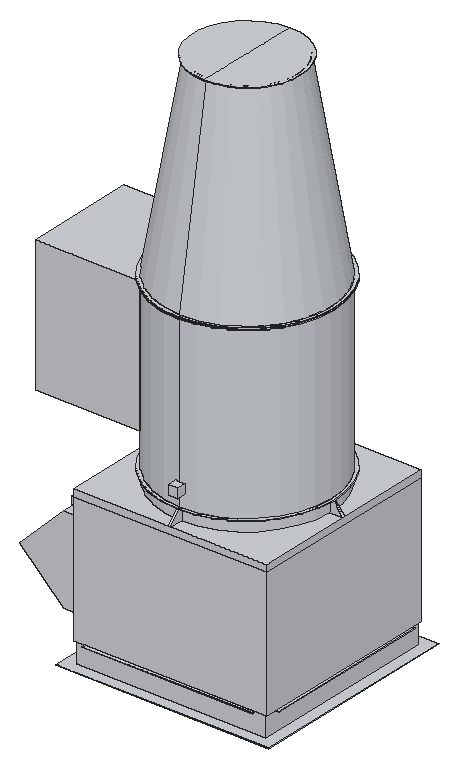
Revit family "TCNHBLE_with_Mixing_Box", category Mechanical Equipment, Revit 2019
Family settings
  Round Connector Dimension = Use Diameter
  Part Type = Normal
  Work Plane-Based = No
  Always vertical = Yes
  Cut with Voids When Loaded = No
  Shared = No
  Room Calculation Point = No
Parameters (values of type "490_TCNHBLE_with_Mixing_Box")
  Unit Weight [instance] = ""
  Sones [instance] = ""
  RO/2 = RO / 2  # 3' - 2 1/4"
  RO = 6' - 4 1/2"
  Nozzle [instance] = ""
  Motor RPM [instance] = ""
  Motor Enclosure [instance] = ""
  ModelID [instance] = ""
  MIXING_BOX_HEIGHT-2.875" = MIXING_BOX_HEIGHT - 0' 2 7/8"  # 4' - 8 3/8"
  MIXING_BOX_HEIGHT+.125" = MIXING_BOX_HEIGHT + 0' 0 1/8"  # 4' - 11 3/8"
  MIXING_BOX_HEIGHT = 4' - 11 1/4"
  MB/2 = MIXING_BOX_HEIGHT / 2  # 2' - 5 5/8"
  LwA [instance] = ""
  Isolation Damper Actuator = ""
  Fan RPM [instance] = ""
  FAN_RAD+4" = FAN_RAD + 0' 4"  # 3' - 4 1/2"
  FAN_RAD*.8 = FAN_RAD * 0.6  # 1' - 9.9"
  FAN_RAD*.33 = FAN_RAD * 0.66  # 2' - 0.09"
  FAN_RAD = FAN_DIA / 2  # 3' - 0 1/2"
  FAN_DIA = 6' - 1"
  D = 9' - 0"
  CURB_HEIGHT [instance] = 1' - 0"
  CURB [instance] = yes
  C = 7' - 0"
  F-1" = F - 0' 1"  # 7' - 2"
  F = 7' - 3"
  C/2 = E / 2  # 5' - 9 1/2"
  E = 11' - 7"
  Bypass Damper Actuator = ""
  B/2 = B / 2  # 3' - 5 3/8"
  B = 6' - 10 3/4"
  Accessories [instance] = ""
  A-C-D = A - E - F + 0' 1"  # 0' - 0 1/2"
  A = 18' - 9 1/2"
  5" = 0' - 5"  # constant formula
  3.125" = 0' - 3 1/8"  # constant formula
  3" = 0' - 3"  # constant formula
  Brake Hp [instance] = ""
  4" = 0' - 4"  # constant formula
  2' = 2' - 0"
  2" = 0' - 2"  # constant formula
  135 = 135.00°
  1" = 0' - 1"  # constant formula
  0 = 0' - 0"  # constant formula
  Voltage [instance] = 0 V
  URL = "www.lorencook.com"
  Type Comments = "Tubular Centrifugal Inline Upblast Roof Mounted Arrangement 9 With Mixing Box"  # constant formula
  Static Pressure [instance] = 0.00 in-wg
  Power [instance] = Voltage * Motor FLA * sqrt(if(Phase = 3, 3, 1))  # 0 VA
  Phase [instance] = 0
  Number of Poles [instance] = 1
  Motor Hp [instance] = "0"
  Motor FLA [instance] = 0 A
  Model = "TCNHBLE-Mixing Box"  # constant formula
  Manufacturer = "Loren Cook Company"
  CFM [instance] = 0 CFM
  1.5 = 0' - 1 1/2"  # constant formula
  ONE EIGTH = 0' - 0 1/8"  # constant formula
  -B/2 = -B / 2  # -3' - 5 3/8"
  (E/2)+.125" = (C / 2) + 0' 0 1/8"  # 3' - 6 1/8"
  ((E-8")*.8)-MIXING_BOX = -((E - MIXING_BOX_HEIGHT - 0' 5") * 0.8)  # -4' - 11.8"
Types (18): name | RO/2 | RO | MIXING_BOX_HEIGHT-2.875" | MIXING_BOX_HEIGHT+.125" | MIXING_BOX_HEIGHT | MB/2 | FAN_RAD+4" | FAN_RAD*.8 | FAN_RAD*.33 | FAN_RAD | FAN_DIA | D | C | F-1" | F | C/2 | E | B/2 | B | A-C-D | A | -B/2 | (E/2)+.125" | ((E-8")*.8)-MIXING_BOX
  (no name) | 3' - 2 1/4" | 6' - 4 1/2" | 4' - 8 3/8" | 4' - 11 3/8" | 4' - 11 1/4" | 2' - 5 5/8" | 3' - 4 1/2" | 1' - 9.9" | 2' - 0.09" | 3' - 0 1/2" | 6' - 1" | 9' - 0" | 7' - 0" | 7' - 2" | 7' - 3" | 5' - 9 1/2" | 11' - 7" | 3' - 5 3/8" | 6' - 10 3/4" | 0' - 0 1/2" | 18' - 9 1/2" | -3' - 5 3/8" | 3' - 6 1/8" | -4' - 11.8"
  100_TCNHBLE_with_Mixing_Box | 0' - 8 13/32" | 1' - 4 13/16" | 2' - 3 5/8" | 2' - 6 5/8" | 2' - 6 1/2" | 1' - 3 1/4" | 1' - 0" | 0' - 4.8" | 0' - 5.28" | 0' - 8" | 1' - 4" | 2' - 10" | 2' - 0" | 1' - 7" | 1' - 8" | 2' - 6" | 5' - 0" | 0' - 11 17/32" | 1' - 11 1/16" | 3' - 5" | 10' - 0" | -0' - 11 17/32" | 1' - 0 1/8" | -1' - 7.6"
  120_TCNHBLE_with_Mixing_Box | 0' - 10 13/32" | 1' - 8 13/16" | 2' - 4 5/8" | 2' - 7 5/8" | 2' - 7 1/2" | 1' - 3 3/4" | 1' - 1" | 0' - 5.4" | 0' - 5.94" | 0' - 9" | 1' - 6" | 3' - 2" | 2' - 4" | 1' - 9" | 1' - 10" | 2' - 7" | 5' - 2" | 1' - 1 17/32" | 2' - 3 1/16" | 3' - 1" | 10' - 0" | -1' - 1 17/32" | 1' - 2 1/8" | -1' - 8.4"
  135_TCNHBLE_with_Mixing_Box | 0' - 11 3/8" | 1' - 10 3/4" | 2' - 4 7/8" | 2' - 7 7/8" | 2' - 7 3/4" | 1' - 3 7/8" | 1' - 2 1/2" | 0' - 6.3" | 0' - 6.93" | 0' - 10 1/2" | 1' - 9" | 3' - 4" | 2' - 6" | 2' - 1" | 2' - 2" | 2' - 7 1/2" | 5' - 3" | 1' - 2 1/2" | 2' - 5" | 2' - 8" | 10' - 0" | -1' - 2 1/2" | 1' - 3 1/8" | -1' - 9"
  150_TCNHBLE_with_Mixing_Box | 1' - 0 3/8" | 2' - 0 3/4" | 2' - 5 5/8" | 2' - 8 5/8" | 2' - 8 1/2" | 1' - 4 1/4" | 1' - 4" | 0' - 7.2" | 0' - 7.92" | 1' - 0" | 2' - 0" | 3' - 6" | 2' - 8" | 2' - 4" | 2' - 5" | 2' - 9 1/2" | 5' - 7" | 1' - 3 1/2" | 2' - 7" | 2' - 1" | 10' - 0" | -1' - 3 1/2" | 1' - 4 1/8" | -1' - 11.6"
  165_TCNHBLE_with_Mixing_Box | 1' - 1 3/8" | 2' - 2 3/4" | 2' - 7 1/8" | 2' - 10 1/8" | 2' - 10" | 1' - 5" | 1' - 5" | 0' - 7.8" | 0' - 8.58" | 1' - 1" | 2' - 2" | 3' - 10" | 2' - 10" | 2' - 5" | 2' - 6" | 2' - 11" | 5' - 10" | 1' - 4 1/2" | 2' - 9" | 1' - 9" | 10' - 0" | -1' - 4 1/2" | 1' - 5 1/8" | -2' - 0.8"
  180_TCNHBLE_with_Mixing_Box | 1' - 3 5/16" | 2' - 6 5/8" | 2' - 8 1/8" | 2' - 11 1/8" | 2' - 11" | 1' - 5 1/2" | 1' - 6" | 0' - 8.4" | 0' - 9.24" | 1' - 2" | 2' - 4" | 4' - 2" | 3' - 2" | 2' - 10" | 2' - 11" | 3' - 0 1/2" | 6' - 1" | 1' - 6 7/16" | 3' - 0 7/8" | 1' - 1" | 10' - 0" | -1' - 6 7/16" | 1' - 7 1/8" | -2' - 2.4"
  195_TCNHBLE_with_Mixing_Box | 1' - 5 11/32" | 2' - 10 11/16" | 2' - 8 7/8" | 2' - 11 7/8" | 2' - 11 3/4" | 1' - 5 7/8" | 1' - 7 1/2" | 0' - 9.3" | 0' - 10.23" | 1' - 3 1/2" | 2' - 7" | 4' - 6" | 3' - 6" | 3' - 2" | 3' - 3" | 3' - 2" | 6' - 4" | 1' - 8 7/16" | 3' - 4 7/8" | 0' - 6" | 10' - 0" | -1' - 8 7/16" | 1' - 9 1/8" | -2' - 4.2"
  210_TCNHBLE_with_Mixing_Box | 1' - 6 11/32" | 3' - 0 11/16" | 2' - 7 5/8" | 2' - 10 5/8" | 2' - 10 1/2" | 1' - 5 1/4" | 1' - 9" | 0' - 10.2" | 0' - 11.22" | 1' - 5" | 2' - 10" | 4' - 8" | 3' - 8" | 3' - 5" | 3' - 6" | 3' - 2" | 6' - 4" | 1' - 9 7/16" | 3' - 6 7/8" | 0' - 7" | 10' - 4" | -1' - 9 7/16" | 1' - 10 1/8" | -2' - 5.2"
  225_TCNHBLE_with_Mixing_Box | 1' - 8 11/32" | 3' - 4 11/16" | 2' - 8 3/8" | 2' - 11 3/8" | 2' - 11 1/4" | 1' - 5 5/8" | 1' - 10" | 0' - 10.8" | 0' - 11.88" | 1' - 6" | 3' - 0" | 5' - 0" | 4' - 0" | 3' - 7" | 3' - 8" | 3' - 3" | 6' - 6" | 1' - 11 7/16" | 3' - 10 7/8" | 0' - 0 1/2" | 10' - 1 1/2" | -1' - 11 7/16" | 2' - 0 1/8" | -2' - 6.2"
  245_TCNHBLE_with_Mixing_Box | 1' - 9 11/32" | 3' - 6 11/16" | 2' - 10 5/8" | 3' - 1 5/8" | 3' - 1 1/2" | 1' - 6 3/4" | 2' - 0" | 1' - 0" | 1' - 1.2" | 1' - 8" | 3' - 4" | 5' - 3" | 4' - 2" | 4' - 1" | 4' - 2" | 3' - 6 1/2" | 7' - 1" | 2' - 0 7/16" | 4' - 0 7/8" | 0' - 1" | 11' - 3" | -2' - 0 7/16" | 2' - 1 1/8" | -2' - 10"
  270_TCNHBLE_with_Mixing_Box | 1' - 11 11/32" | 3' - 10 11/16" | 2' - 10 5/8" | 3' - 1 5/8" | 3' - 1 1/2" | 1' - 6 3/4" | 2' - 2" | 1' - 1.2" | 1' - 2.52" | 1' - 10" | 3' - 8" | 5' - 7" | 4' - 6" | 4' - 7" | 4' - 8" | 3' - 9 1/2" | 7' - 7" | 2' - 2 7/16" | 4' - 4 7/8" | 0' - 0 3/4" | 12' - 2 3/4" | -2' - 2 7/16" | 2' - 3 1/8" | -3' - 2.8"
  300_TCNHBLE_with_Mixing_Box | 2' - 2 11/32" | 4' - 4 11/16" | 2' - 11 3/8" | 3' - 2 3/8" | 3' - 2 1/4" | 1' - 7 1/8" | 2' - 4" | 1' - 2.4" | 1' - 3.84" | 2' - 0" | 4' - 0" | 6' - 2" | 5' - 0" | 4' - 11" | 5' - 0" | 3' - 10 1/2" | 7' - 9" | 2' - 5 7/16" | 4' - 10 7/8" | 0' - 1" | 12' - 9" | -2' - 5 7/16" | 2' - 6 1/8" | -3' - 3.8"
  330_TCNHBLE_with_Mixing_Box | 2' - 3 9/32" | 4' - 6 9/16" | 3' - 2 5/8" | 3' - 5 5/8" | 3' - 5 1/2" | 1' - 8 3/4" | 2' - 6" | 1' - 3.6" | 1' - 5.16" | 2' - 2" | 4' - 4" | 6' - 5" | 5' - 2" | 5' - 3" | 5' - 4" | 4' - 2" | 8' - 4" | 2' - 6 3/8" | 5' - 0 3/4" | 0' - 1 1/4" | 13' - 8 1/4" | -2' - 6 3/8" | 2' - 7 1/8" | -3' - 6.8"
  365_TCNHBLE_with_Mixing_Box | 2' - 4 25/32" | 4' - 9 9/16" | 3' - 5 3/8" | 3' - 8 3/8" | 3' - 8 1/4" | 1' - 10 1/8" | 2' - 7" | 1' - 4.2" | 1' - 5.82" | 2' - 3" | 4' - 6" | 6' - 10" | 5' - 5" | 5' - 4" | 5' - 5" | 4' - 4 1/2" | 8' - 9" | 2' - 7 7/8" | 5' - 3 3/4" | 0' - 1" | 14' - 2" | -2' - 7 7/8" | 2' - 8 5/8" | -3' - 8.6"
  402_TCNHBLE_with_Mixing_Box | 2' - 8 9/32" | 5' - 4 9/16" | 3' - 7 5/8" | 3' - 10 5/8" | 3' - 10 1/2" | 1' - 11 1/4" | 2' - 10" | 1' - 6" | 1' - 7.8" | 2' - 6" | 5' - 0" | 7' - 6" | 6' - 0" | 5' - 11" | 6' - 0" | 4' - 8 1/2" | 9' - 5" | 2' - 11 3/8" | 5' - 10 3/4" | 0' - 0 3/4" | 15' - 4 3/4" | -2' - 11 3/8" | 3' - 0 1/8" | -4' - 1.2"
  445_TCNHBLE_with_Mixing_Box | 2' - 10 25/32" | 5' - 9 9/16" | 4' - 2 3/8" | 4' - 5 3/8" | 4' - 5 1/4" | 2' - 2 5/8" | 3' - 1" | 1' - 7.8" | 1' - 9.78" | 2' - 9" | 5' - 6" | 8' - 2" | 6' - 5" | 6' - 7" | 6' - 8" | 5' - 3" | 10' - 6" | 3' - 1 7/8" | 6' - 3 3/4" | 0' - 1" | 17' - 2" | -3' - 1 7/8" | 3' - 2 5/8" | -4' - 6.2"
  490_TCNHBLE_with_Mixing_Box | 3' - 2 1/4" | 6' - 4 1/2" | 4' - 8 3/8" | 4' - 11 3/8" | 4' - 11 1/4" | 2' - 5 5/8" | 3' - 4 1/2" | 1' - 9.9" | 2' - 0.09" | 3' - 0 1/2" | 6' - 1" | 9' - 0" | 7' - 0" | 7' - 2" | 7' - 3" | 5' - 9 1/2" | 11' - 7" | 3' - 5 3/8" | 6' - 10 3/4" | 0' - 0 1/2" | 18' - 9 1/2" | -3' - 5 3/8" | 3' - 6 1/8" | -4' - 11.8"
Reference planes (in)
  plane 1 "Center (Front/Back)": y = 0
  plane 2: z = 0
  plane 3 "Center (Left/Right)": x = 0.40541
Forms (in)
  Extrusion 1, solid
    sketch origin (0, 0, 0) x (1, 0, 0) y (0, 1, 0)
      loop
        line (-41.71959, 42.125) -> (-41.71959, -42.125) -> (42.53041, -42.125) -> (42.53041, 42.125) -> (-41.71959, 42.125)
    from 59.375 <- "MIXING_BOX_HEIGHT+.125"" to 56.375 <- "MIXING_BOX_HEIGHT-2.875""
  Extrusion 2, solid
    sketch origin (0, 0, 59.375) x (1, 0, 0) y (0, 1, 0)
      loop
        circle (0.40541, 0) r 36.5
    from 5 to 0
  Extrusion 3, solid
    sketch origin (0, 0, 0) x (1, 0, 0) y (0, 0, 1)
      loop
        line (-41.71959, 59.375) -> (-36.09459, 59.375) -> (-36.09459, 64.375) -> (-37.59459, 64.375) -> (-41.71959, 59.375)
      loop
        line (42.53041, 59.375) -> (38.40541, 64.375) -> (36.90541, 64.375) -> (36.90541, 59.375) -> (42.53041, 59.375)
    from -0.5 to 0.5
  Extrusion 4, solid
    sketch origin (0.40541, 0, 0) x (0, 1, 0) y (0, 0, 1)
      loop
        line (42.125, 59.375) -> (38, 64.375) -> (36.5, 64.375) -> (36.5, 59.375) -> (42.125, 59.375)
      loop
        line (-42.125, 59.375) -> (-36.5, 59.375) -> (-36.5, 64.375) -> (-38, 64.375) -> (-42.125, 59.375)
    from -0.5 to 0.5
  Revolve 5, solid
    sketch origin (0.40541, 0, 0) x (0, 1, 0) y (0, 0, 1)
      loop
        line (0, 64.375) -> (0, 225.5) -> (-23.4, 225.5) -> (-23.4, 225.375) -> (-21.9, 225.375) -> (-36.5, 139.625) -> (-38, 139.625) -> (-38, 139.5) -> (-36.5, 139.5) -> (-36.5, 139) -> (-38, 139) -> (-38, 138.875) -> (-36.5, 138.875) -> (-36.5, 64.5) -> (-38, 64.5) -> (-38, 64.375) -> (0, 64.375)
      axis (0, 64.375) -> (0, 225.5)
    angle from 0 to 360
  Extrusion 6, solid
    sketch origin (0.40541, 0, 139) x (-1, 0, 0) y (0, -1, 0)
      loop
        line (27.42119, -24.09) -> (73, -24.09) -> (73, 24.09) -> (27.42119, 24.09)
        arc (27.42119, 24.09) -> (36.5, 0) -> (27.42119, -24.09) r 36.5
    from -59.8 <- "((E-8")*.8)-MIXING_BOX" to -1
  Extrusion 7, solid
    sketch origin (0, 0, 0) x (1, 0, 0) y (0, 1, 0)
      loop
        line (-41.59459, 42) -> (-41.59459, -42) -> (42.40541, -42) -> (42.40541, 42) -> (-41.59459, 42)
    from 56.375 <- "MIXING_BOX_HEIGHT-2.875"" to 0
  Extrusion 8, void
    sketch origin (0, 0, 0) x (1, 0, 0) y (0, 1, 0)
      loop
        line (-41.46959, 41.875) -> (-41.46959, -41.875) -> (42.28041, -41.875) -> (42.28041, 41.875) -> (-41.46959, 41.875)
    from 2.875 to 0
  Extrusion 9, solid
    sketch origin (0, 0, 0) x (1, 0, 0) y (0, 0, 1)
      loop
        line (-41.59459, 48.625) -> (-46.59459, 48.625) -> (-65.59459, 29.625) -> (-46.59459, 10.625) -> (-41.59459, 10.625) -> (-41.59459, 48.625)
    from -41.375 <- "-B/2" to 41.375 <- "B/2"
  Extrusion 10, solid
    sketch origin (0, 0, 0) x (1, 0, 0) y (0, 1, 0)
      loop
        line (-36.71959, 43.625) -> (-36.71959, 42.125) -> (37.53041, 42.125) -> (37.53041, 43.625) -> (-36.71959, 43.625)
      loop
        line (42.40541, 37.125) -> (42.40541, -37.125) -> (43.90541, -37.125) -> (43.90541, 37.125) -> (42.40541, 37.125)
      loop
        line (37.53041, -42) -> (-36.71959, -42) -> (-36.71959, -43.5) -> (37.53041, -43.5) -> (37.53041, -42)
      loop
        line (-41.59459, -37.125) -> (-41.59459, 37.125) -> (-43.09459, 37.125) -> (-43.09459, -37.125) -> (-41.59459, -37.125)
    from 0 to 0.125
  Extrusion 11, solid
    sketch origin (-41.59459, -42, 0) x (0, 1, 0) y (0, 0, -1)
      loop
        line (82, -54.875) -> (82, -49.875) -> (2, -49.875) -> (2, -54.875) -> (82, -54.875)
    from 0 to 0.125
  Extrusion 12, solid
    sketch origin (-41.59459, -42, 0) x (0, 1, 0) y (0, 0, -1)
      loop
        line (3, -53.875) -> (8, -53.875) -> (8, -50.875) -> (3, -50.875) -> (3, -53.875)
    from 0 to 3.5
  Extrusion 13, solid
    sketch origin (0.40541, 0, 64.375) x (-1, 0, 0) y (0, 1, 0)
      loop
        line (2, -40.5) -> (2, -36.5) -> (-2, -36.5) -> (-2, -40.5) -> (2, -40.5)
    from -10 to -6
  Extrusion 14, solid, visible <- "CURB"
    sketch origin (0, 0, 2.875) x (0, 1, 0) y (1, 0, 0)
      loop
        line (38.25, -37.84459) -> (38.25, 38.65541) -> (-38.25, 38.65541) -> (-38.25, -37.84459) -> (38.25, -37.84459)
      loop
        line (-41.375, 41.78041) -> (-41.375, -40.96959) -> (41.375, -40.96959) -> (41.375, 41.78041) -> (-41.375, 41.78041)
    from 0 to 12 <- "CURB_HEIGHT"
  Extrusion 15, solid, visible <- "CURB"
    sketch origin (0, 0, -9.125) x (-1, 0, 0) y (0, 1, 0)
      loop
        line (40.96959, -41.375) -> (40.96959, 41.375) -> (-41.78041, 41.375) -> (-41.78041, -41.375) -> (40.96959, -41.375)
      loop
        line (-46.78041, 46.375) -> (-46.78041, -46.375) -> (45.96959, -46.375) -> (45.96959, 46.375) -> (-46.78041, 46.375)
    from 0 to -0.125
Cuts and joins
  Extrusion 8 cuts Extrusion 7
Dimensions and locks (in)
  "(E/2)+.125"": Extrusion 1 sketch curve to plane 3 "Center (Left/Right)"
  "(E/2)+.125"": plane 3 "Center (Left/Right)" to Extrusion 1 sketch curve
  "(E/2)+.125"": plane 1 "Center (Front/Back)" to Extrusion 1 sketch curve
  "(E/2)+.125"": Extrusion 1 sketch curve to plane 1 "Center (Front/Back)"
  "0": plane 3 "Center (Left/Right)" to Extrusion 2 sketch curve
  "0": Extrusion 2 sketch curve to plane 1 "Center (Front/Back)"
  "0": Extrusion 2 to Extrusion 3 sketch curve
  "0": Extrusion 3 sketch curve to Extrusion 2  (x3)
  "FAN_RAD": plane 1 "Center (Front/Back)" to Extrusion 4 sketch curve
  "FAN_RAD": Extrusion 4 sketch curve to plane 1 "Center (Front/Back)"
  "0": Revolve 5 sketch curve to Extrusion 2
  "ONE EIGTH": Revolve 5 sketch curve to Revolve 5 sketch curve  (x4)
  "F-1"": Revolve 5 sketch curve to Revolve 5 sketch curve
  "A": Revolve 5 sketch curve to level
  "E": Revolve 5 sketch curve to level
  "0": Revolve 5 sketch curve to Extrusion 4
  "0": Revolve 5 sketch curve to Revolve 5 sketch curve  (x3)
  "1.5": Revolve 5 sketch curve to Revolve 5 sketch curve  (x2)
  "FAN_RAD*.8": plane 1 "Center (Front/Back)" to Revolve 5 sketch curve
  "0": Revolve 5 sketch curve to plane 1 "Center (Front/Back)"
  "1.5": Extrusion 4 sketch curve to Extrusion 4 sketch curve  (x2)
  "1.5": Extrusion 3 sketch curve to Extrusion 3 sketch curve  (x2)
  "0": Extrusion 6 sketch curve to plane 3 "Center (Left/Right)"
  "0": Extrusion 6 sketch curve to plane 1 "Center (Front/Back)"
  "FAN_RAD*.33": Extrusion 6 sketch curve to plane 1 "Center (Front/Back)"  (x2)
  "FAN_DIA": Extrusion 6 sketch curve to plane 3 "Center (Left/Right)"
  "ONE EIGTH": Extrusion 7 sketch curve to Extrusion 1  (x2)
  "ONE EIGTH": Extrusion 1 to Extrusion 7 sketch curve  (x2)
  "0": Extrusion 3 sketch curve to Extrusion 1  (x2)
  "0": Extrusion 4 sketch curve to Extrusion 1  (x3)
  "0": Extrusion 1 to Extrusion 4 sketch curve
  Extrusion 4 sketch curve to Extrusion 1 = 0' - 5"
  "5"": Extrusion 4 sketch curve to Extrusion 1
  "ONE EIGTH": Extrusion 8 sketch curve to Extrusion 7  (x3)
  "ONE EIGTH": Extrusion 7 to Extrusion 8 sketch curve
  "0": cut or joined group of Extrusion 7, Extrusion 8 to Extrusion 9 sketch curve
  "5"": Extrusion 9 sketch curve to Extrusion 9 sketch curve  (x2)
  "D": cut or joined group of Extrusion 7, Extrusion 8 to Extrusion 9 sketch curve
  "MB/2": Extrusion 9 sketch curve to level
  "1.5": Extrusion 10 sketch curve to Extrusion 10 sketch curve  (x4)
  "5"": Extrusion 1 to Extrusion 10 sketch curve  (x2)
  "5"": Extrusion 10 sketch curve to Extrusion 1  (x6)
  "0": Extrusion 10 sketch curve to cut or joined group of Extrusion 7, Extrusion 8  (x2)
  "0": cut or joined group of Extrusion 7, Extrusion 8 to Extrusion 10 sketch curve
  "0": Extrusion 10 sketch curve to Extrusion 1
  "1.5": Extrusion 11 sketch curve to cut or joined group of Extrusion 7, Extrusion 8
  "5"": Extrusion 11 sketch curve to Extrusion 11 sketch curve
  "2"": cut or joined group of Extrusion 7, Extrusion 8 to Extrusion 11 sketch curve
  "2"": Extrusion 11 sketch curve to cut or joined group of Extrusion 7, Extrusion 8
  "1"": Extrusion 11 to Extrusion 12 sketch curve  (x2)
  "5"": Extrusion 12 sketch curve to Extrusion 12 sketch curve
  "1"": Extrusion 12 sketch curve to Extrusion 11
  "2"": Extrusion 13 sketch curve to plane 3 "Center (Left/Right)"
  "2"": plane 3 "Center (Left/Right)" to Extrusion 13 sketch curve
  "FAN_RAD+4"": Extrusion 13 sketch curve to plane 1 "Center (Front/Back)"
  "FAN_RAD": Extrusion 13 sketch curve to plane 1 "Center (Front/Back)"
  "3.125"": Extrusion 14 sketch curve to Extrusion 14 sketch curve  (x4)
  "RO/2": Extrusion 14 sketch curve to plane 3 "Center (Left/Right)"
  "RO/2": plane 3 "Center (Left/Right)" to Extrusion 14 sketch curve
  "RO/2": plane 1 "Center (Front/Back)" to Extrusion 14 sketch curve
  "RO/2": Extrusion 14 sketch curve to plane 1 "Center (Front/Back)"
  "5"": Extrusion 15 sketch curve to Extrusion 15 sketch curve  (x4)
  "0": Extrusion 14 to Extrusion 15 sketch curve
  "0": Extrusion 15 sketch curve to Extrusion 14  (x3)
  "FAN_RAD": radius of Extrusion 2 sketch curve
  "FAN_RAD": radius of Extrusion 6 sketch curve
  "135": angle Extrusion 9 sketch curve to Extrusion 9 sketch curve  (x2)
Automatic sketch dimensions
  Revolve 5 sketch curve to plane 1 "Center (Front/Back)" = 0' - 0"
  Revolve 5 sketch curve to level = 0' - 0"
  Revolve 5 sketch curve to Revolve 5 sketch curve = 0' - 0"
  Revolve 5 sketch curve to Revolve 5 sketch curve = 0' - 9"
  Extrusion 6 sketch curve to Extrusion 6 sketch curve = 0' - 0"
  Extrusion 3 sketch curve to Extrusion 3 sketch curve = 0' - 5"  (x2)
Connectors (in)
  electrical at (-44.09459, 0, 10.625), driven by "Bypass Damper Actuator"
    settings: on Extrusion 9, index 3, voltage 0 V, apparent load 0 VA, apparent load phase1 0 VA, apparent load phase2 0 VA, apparent load phase3 0 VA, power factor 1, load classification "Other", number of poles 1, system type 13, power factor state 1, is connector primary yes, connector utility no, sub classification motor no, connector description ""
  electrical at (-43.34459, -39, 52.375), driven by "Isolation Damper Actuator"
    settings: on Extrusion 12, index 4, voltage 0 V, apparent load 0 VA, apparent load phase1 0 VA, apparent load phase2 0 VA, apparent load phase3 0 VA, power factor 1, load classification "Other", number of poles 1, system type 13, power factor state 1, is connector primary no, connector utility no, sub classification motor no, connector description ""
  electrical at (0.40541, -38.5, 70.375)
    settings: on Extrusion 13, index 5, voltage 0 V, apparent load 0 VA, apparent load phase1 0 VA, apparent load phase2 0 VA, apparent load phase3 0 VA, power factor 1, load classification "Other", number of poles 1, system type 30, power factor state 1, is connector primary no, connector utility no, sub classification motor no, connector description ""
  hvac at (0.40541, 0, 2.875), driven by "CFM", driven by "RO", driven by "RO"
    settings: on cut or joined group of Extrusion 7, Extrusion 8, index 6, duct flow 0 CFM, flow factor 0, pres drop 0.00 in-wg, loss coef 0, conn angle 0.00°, conn width 76 1/2", conn height 76 1/2", conn diameter 24", duct sys type 3, conn prof type 1, flow config 0, flow direction 1, loss method 0, conn ref index -1, conn util no, is conn primary yes, conn desc ""
